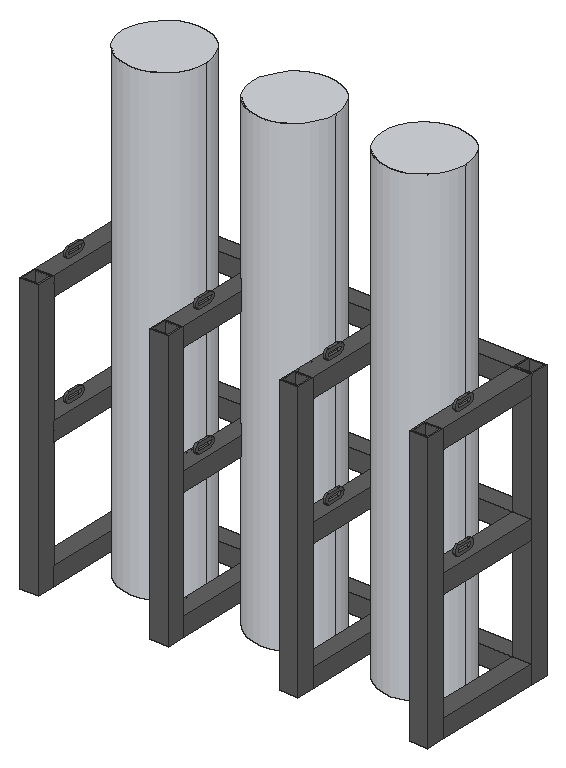
Revit family "3x1-cylinder-rack-BR3X1FS-USAsafety", category Generic Models, Revit 2014
Parameters
  Supplier = "USA Safety Solutions, Inc (www.usasafety.com)"
  Order or Request Quote = "http://www.usasafety.com/contacts"
  URL = "http://www.usasafety.com/3x1-gas-cylinder-rack-barricade-3-cylinders-p-60.html"
  Supplier Email = "sales@usasafety.com"
  Supplier Phone = "1-877-805-8650"
  Capacity = "1-3 cylinder (up to 12\" diameter)"
  Compliance = "NFPA, CGA, OSHA compliant (when used in accordance with guidelines)"
  Model = "#BR3X1FS"
  Manufacturer = ""
  Description = "Gas cylinder storage rack"
  Mounting = "Pre-drilled .531 inch diameter floor mounting holes"
  Accessories = "Two levels of welded steel chains, snaps for each cylinder"
  Weight = "124 lbs"
Reference planes (in)
  plane 1 "Center (Front/Back)": y = 0
  plane 2: z = 0
  plane 3 "Center (Left/Right)": x = 0
  plane 4: through (0.875, -174.20739, -13.21924) normal (0, -0.2588, 0.9659)
  plane 5: through (0.875, -174.20739, -27.21924) normal (0, -0.2588, 0.9659)
Forms (in)
  Extrusion 1, solid, material "USA Safety Steel, Paint Finish, Black, Glossy"
    sketch origin (0, 0, 0) x (1, 0, 0) y (0, 1, 0)
      loop
        line (0, 0) -> (0, -2) -> (2, -2) -> (2, 0) -> (0, 0)
      loop
        line (1.875, -0.125) -> (0.125, -0.125) -> (0.125, -1.875) -> (1.875, -1.875) -> (1.875, -0.125)
    from 0 to 30
  Extrusion 2, solid, material "USA Safety Steel, Paint Finish, Black, Glossy"
    sketch origin (14, 0, 0) x (1, 0, 0) y (0, 1, 0)
      loop
        line (0, 0) -> (0, -2) -> (2, -2) -> (2, 0) -> (0, 0)
      loop
        line (1.875, -0.125) -> (0.125, -0.125) -> (0.125, -1.875) -> (1.875, -1.875) -> (1.875, -0.125)
    from 0 to 30
  Extrusion 3, solid, material "USA Safety Steel, Paint Finish, Black, Glossy"
    sketch origin (0, -14, 0) x (1, 0, 0) y (0, 1, 0)
      loop
        line (0, 0) -> (0, -2) -> (2, -2) -> (2, 0) -> (0, 0)
      loop
        line (1.875, -0.125) -> (0.125, -0.125) -> (0.125, -1.875) -> (1.875, -1.875) -> (1.875, -0.125)
    from 0 to 30
  Extrusion 4, solid, material "USA Safety Steel, Paint Finish, Black, Glossy"
    sketch origin (14, -14, 0) x (1, 0, 0) y (0, 1, 0)
      loop
        line (0, 0) -> (0, -2) -> (2, -2) -> (2, 0) -> (0, 0)
      loop
        line (1.875, -0.125) -> (0.125, -0.125) -> (0.125, -1.875) -> (1.875, -1.875) -> (1.875, -0.125)
    from 0 to 30
  Extrusion 5, solid, material "USA Safety Steel, Paint Finish, Black, Glossy"
    sketch origin (2, 0, 2) x (0, 0, -1) y (0, 1, 0)
      loop
        line (0, 0) -> (0, -2) -> (2, -2) -> (2, 0) -> (0, 0)
      loop
        line (1.875, -0.125) -> (0.125, -0.125) -> (0.125, -1.875) -> (1.875, -1.875) -> (1.875, -0.125)
    from 0 to 12
  Extrusion 6, solid, material "USA Safety Steel, Paint Finish, Black, Glossy"
    sketch origin (2, 0, 30) x (0, 0, -1) y (0, 1, 0)
      loop
        line (0, 0) -> (0, -2) -> (2, -2) -> (2, 0) -> (0, 0)
      loop
        line (1.875, -0.125) -> (0.125, -0.125) -> (0.125, -1.875) -> (1.875, -1.875) -> (1.875, -0.125)
    from 0 to 12
  Extrusion 7, solid, material "USA Safety Steel, Paint Finish, Black, Glossy"
    sketch origin (2, 0, 16) x (0, 0, -1) y (0, 1, 0)
      loop
        line (0, 0) -> (0, -2) -> (2, -2) -> (2, 0) -> (0, 0)
      loop
        line (1.875, -0.125) -> (0.125, -0.125) -> (0.125, -1.875) -> (1.875, -1.875) -> (1.875, -0.125)
    from 0 to 12
  Extrusion 8, solid, material "USA Safety Steel, Paint Finish, Black, Glossy"
    sketch origin (0, -14, 2) x (0, 0, -1) y (-1, 0, 0)
      loop
        line (0, 0) -> (0, -2) -> (2, -2) -> (2, 0) -> (0, 0)
      loop
        line (1.875, -0.125) -> (0.125, -0.125) -> (0.125, -1.875) -> (1.875, -1.875) -> (1.875, -0.125)
    from 0 to 12
  Extrusion 9, solid, material "USA Safety Steel, Paint Finish, Black, Glossy"
    sketch origin (0, -14, 30) x (0, 0, -1) y (-1, 0, 0)
      loop
        line (0, 0) -> (0, -2) -> (2, -2) -> (2, 0) -> (0, 0)
      loop
        line (1.875, -0.125) -> (0.125, -0.125) -> (0.125, -1.875) -> (1.875, -1.875) -> (1.875, -0.125)
    from 0 to 12
  Extrusion 10, solid, material "USA Safety Steel, Paint Finish, Black, Glossy"
    sketch origin (0, -14, 16) x (0, 0, -1) y (-1, 0, 0)
      loop
        line (0, 0) -> (0, -2) -> (2, -2) -> (2, 0) -> (0, 0)
      loop
        line (1.875, -0.125) -> (0.125, -0.125) -> (0.125, -1.875) -> (1.875, -1.875) -> (1.875, -0.125)
    from 0 to 12
  Extrusion 11, solid, material "USA Safety Steel, Paint Finish, Black, Glossy"
    sketch origin (14, -14, 2) x (0, 0, -1) y (-1, 0, 0)
      loop
        line (0, 0) -> (0, -2) -> (2, -2) -> (2, 0) -> (0, 0)
      loop
        line (1.875, -0.125) -> (0.125, -0.125) -> (0.125, -1.875) -> (1.875, -1.875) -> (1.875, -0.125)
    from 0 to 12
  Extrusion 12, solid, material "USA Safety Steel, Paint Finish, Black, Glossy"
    sketch origin (14, -14, 30) x (0, 0, -1) y (-1, 0, 0)
      loop
        line (0, 0) -> (0, -2) -> (2, -2) -> (2, 0) -> (0, 0)
      loop
        line (1.875, -0.125) -> (0.125, -0.125) -> (0.125, -1.875) -> (1.875, -1.875) -> (1.875, -0.125)
    from 0 to 12
  Extrusion 13, solid, material "USA Safety Steel, Paint Finish, Black, Glossy"
    sketch origin (14, -14, 16) x (0, 0, -1) y (-1, 0, 0)
      loop
        line (0, 0) -> (0, -2) -> (2, -2) -> (2, 0) -> (0, 0)
      loop
        line (1.875, -0.125) -> (0.125, -0.125) -> (0.125, -1.875) -> (1.875, -1.875) -> (1.875, -0.125)
    from 0 to 12
  Extrusion 14, solid, material "USA Safety Steel, Paint Finish, Black, Glossy"
    sketch origin (15.125, 10.21296, 39.90169) x (0, -1, 0) y (0, 0, 1)
      loop
        line (19.54046, -9.90169) -> (20.88546, -9.90169)
        arc (20.88546, -9.90169) -> (21.40046, -9.38669) -> (20.88546, -8.87169) r 0.515
        line (20.88546, -8.87169) -> (19.54046, -8.87169)
        arc (19.54046, -8.87169) -> (19.02546, -9.38669) -> (19.54046, -9.90169) r 0.515
      loop
        line (19.54046, -9.65169) -> (20.88546, -9.65169)
        arc (20.88546, -9.65169) -> (21.15046, -9.38669) -> (20.88546, -9.12169) r 0.265
        line (20.88546, -9.12169) -> (19.54046, -9.12169)
        arc (19.54046, -9.12169) -> (19.27546, -9.38669) -> (19.54046, -9.65169) r 0.265
    from 0 to 0.25
  Extrusion 15, solid, material "USA Safety Steel, Paint Finish, Black, Glossy"
    sketch origin (1.125, 10.21296, 39.90169) x (0, -1, 0) y (0, 0, 1)
      loop
        line (19.54046, -9.90169) -> (20.88546, -9.90169)
        arc (20.88546, -9.90169) -> (21.40046, -9.38669) -> (20.88546, -8.87169) r 0.515
        line (20.88546, -8.87169) -> (19.54046, -8.87169)
        arc (19.54046, -8.87169) -> (19.02546, -9.38669) -> (19.54046, -9.90169) r 0.515
      loop
        line (19.54046, -9.65169) -> (20.88546, -9.65169)
        arc (20.88546, -9.65169) -> (21.15046, -9.38669) -> (20.88546, -9.12169) r 0.265
        line (20.88546, -9.12169) -> (19.54046, -9.12169)
        arc (19.54046, -9.12169) -> (19.27546, -9.38669) -> (19.54046, -9.65169) r 0.265
    from 0 to 0.25
  Extrusion 16, solid, material "USA Safety Steel, Paint Finish, Black, Glossy"
    sketch origin (15.125, 10.21296, 25.90169) x (0, -1, 0) y (0, 0, 1)
      loop
        line (19.54046, -9.90169) -> (20.88546, -9.90169)
        arc (20.88546, -9.90169) -> (21.40046, -9.38669) -> (20.88546, -8.87169) r 0.515
        line (20.88546, -8.87169) -> (19.54046, -8.87169)
        arc (19.54046, -8.87169) -> (19.02546, -9.38669) -> (19.54046, -9.90169) r 0.515
      loop
        line (19.54046, -9.65169) -> (20.88546, -9.65169)
        arc (20.88546, -9.65169) -> (21.15046, -9.38669) -> (20.88546, -9.12169) r 0.265
        line (20.88546, -9.12169) -> (19.54046, -9.12169)
        arc (19.54046, -9.12169) -> (19.27546, -9.38669) -> (19.54046, -9.65169) r 0.265
    from 0 to 0.25
  Extrusion 17, solid, material "USA Safety Steel, Paint Finish, Black, Glossy"
    sketch origin (1.125, 10.21296, 25.90169) x (0, -1, 0) y (0, 0, 1)
      loop
        line (19.54046, -9.90169) -> (20.88546, -9.90169)
        arc (20.88546, -9.90169) -> (21.40046, -9.38669) -> (20.88546, -8.87169) r 0.515
        line (20.88546, -8.87169) -> (19.54046, -8.87169)
        arc (19.54046, -8.87169) -> (19.02546, -9.38669) -> (19.54046, -9.90169) r 0.515
      loop
        line (19.54046, -9.65169) -> (20.88546, -9.65169)
        arc (20.88546, -9.65169) -> (21.15046, -9.38669) -> (20.88546, -9.12169) r 0.265
        line (20.88546, -9.12169) -> (19.54046, -9.12169)
        arc (19.54046, -9.12169) -> (19.27546, -9.38669) -> (19.54046, -9.65169) r 0.265
    from 0 to 0.25
  Extrusion 18, solid
    sketch origin (2.01399, 1.77537, 0) x (1, 0, 0) y (0, 1, 0)
      loop
        circle (5.98601, -8.27537) r 4.5
    from 0 to 51
  Extrusion 19, solid, material "USA Safety Steel, Paint Finish, Black, Glossy"
    sketch origin (28, 0, 0) x (1, 0, 0) y (0, 1, 0)
      loop
        line (0, 0) -> (0, -2) -> (2, -2) -> (2, 0) -> (0, 0)
      loop
        line (1.875, -0.125) -> (0.125, -0.125) -> (0.125, -1.875) -> (1.875, -1.875) -> (1.875, -0.125)
    from 0 to 30
  Extrusion 20, solid, material "USA Safety Steel, Paint Finish, Black, Glossy"
    sketch origin (28, -14, 0) x (1, 0, 0) y (0, 1, 0)
      loop
        line (0, 0) -> (0, -2) -> (2, -2) -> (2, 0) -> (0, 0)
      loop
        line (1.875, -0.125) -> (0.125, -0.125) -> (0.125, -1.875) -> (1.875, -1.875) -> (1.875, -0.125)
    from 0 to 30
  Extrusion 21, solid, material "USA Safety Steel, Paint Finish, Black, Glossy"
    sketch origin (16, 0, 2) x (0, 0, -1) y (0, 1, 0)
      loop
        line (0, 0) -> (0, -2) -> (2, -2) -> (2, 0) -> (0, 0)
      loop
        line (1.875, -0.125) -> (0.125, -0.125) -> (0.125, -1.875) -> (1.875, -1.875) -> (1.875, -0.125)
    from 0 to 12
  Extrusion 22, solid, material "USA Safety Steel, Paint Finish, Black, Glossy"
    sketch origin (16, 0, 30) x (0, 0, -1) y (0, 1, 0)
      loop
        line (0, 0) -> (0, -2) -> (2, -2) -> (2, 0) -> (0, 0)
      loop
        line (1.875, -0.125) -> (0.125, -0.125) -> (0.125, -1.875) -> (1.875, -1.875) -> (1.875, -0.125)
    from 0 to 12
  Extrusion 23, solid, material "USA Safety Steel, Paint Finish, Black, Glossy"
    sketch origin (16, 0, 16) x (0, 0, -1) y (0, 1, 0)
      loop
        line (0, 0) -> (0, -2) -> (2, -2) -> (2, 0) -> (0, 0)
      loop
        line (1.875, -0.125) -> (0.125, -0.125) -> (0.125, -1.875) -> (1.875, -1.875) -> (1.875, -0.125)
    from 0 to 12
  Extrusion 24, solid, material "USA Safety Steel, Paint Finish, Black, Glossy"
    sketch origin (28, -14, 2) x (0, 0, -1) y (-1, 0, 0)
      loop
        line (0, 0) -> (0, -2) -> (2, -2) -> (2, 0) -> (0, 0)
      loop
        line (1.875, -0.125) -> (0.125, -0.125) -> (0.125, -1.875) -> (1.875, -1.875) -> (1.875, -0.125)
    from 0 to 12
  Extrusion 25, solid, material "USA Safety Steel, Paint Finish, Black, Glossy"
    sketch origin (28, -14, 30) x (0, 0, -1) y (-1, 0, 0)
      loop
        line (0, 0) -> (0, -2) -> (2, -2) -> (2, 0) -> (0, 0)
      loop
        line (1.875, -0.125) -> (0.125, -0.125) -> (0.125, -1.875) -> (1.875, -1.875) -> (1.875, -0.125)
    from 0 to 12
  Extrusion 26, solid, material "USA Safety Steel, Paint Finish, Black, Glossy"
    sketch origin (28, -14, 16) x (0, 0, -1) y (-1, 0, 0)
      loop
        line (0, 0) -> (0, -2) -> (2, -2) -> (2, 0) -> (0, 0)
      loop
        line (1.875, -0.125) -> (0.125, -0.125) -> (0.125, -1.875) -> (1.875, -1.875) -> (1.875, -0.125)
    from 0 to 12
  Extrusion 27, solid, material "USA Safety Steel, Paint Finish, Black, Glossy"
    sketch origin (29.125, 10.21296, 39.90169) x (0, -1, 0) y (0, 0, 1)
      loop
        line (19.54046, -9.90169) -> (20.88546, -9.90169)
        arc (20.88546, -9.90169) -> (21.40046, -9.38669) -> (20.88546, -8.87169) r 0.515
        line (20.88546, -8.87169) -> (19.54046, -8.87169)
        arc (19.54046, -8.87169) -> (19.02546, -9.38669) -> (19.54046, -9.90169) r 0.515
      loop
        line (19.54046, -9.65169) -> (20.88546, -9.65169)
        arc (20.88546, -9.65169) -> (21.15046, -9.38669) -> (20.88546, -9.12169) r 0.265
        line (20.88546, -9.12169) -> (19.54046, -9.12169)
        arc (19.54046, -9.12169) -> (19.27546, -9.38669) -> (19.54046, -9.65169) r 0.265
    from 0 to 0.25
  Extrusion 28, solid, material "USA Safety Steel, Paint Finish, Black, Glossy"
    sketch origin (29.125, 10.21296, 25.90169) x (0, -1, 0) y (0, 0, 1)
      loop
        line (19.54046, -9.90169) -> (20.88546, -9.90169)
        arc (20.88546, -9.90169) -> (21.40046, -9.38669) -> (20.88546, -8.87169) r 0.515
        line (20.88546, -8.87169) -> (19.54046, -8.87169)
        arc (19.54046, -8.87169) -> (19.02546, -9.38669) -> (19.54046, -9.90169) r 0.515
      loop
        line (19.54046, -9.65169) -> (20.88546, -9.65169)
        arc (20.88546, -9.65169) -> (21.15046, -9.38669) -> (20.88546, -9.12169) r 0.265
        line (20.88546, -9.12169) -> (19.54046, -9.12169)
        arc (19.54046, -9.12169) -> (19.27546, -9.38669) -> (19.54046, -9.65169) r 0.265
    from 0 to 0.25
  Extrusion 29, solid
    sketch origin (16.01399, 1.77537, 0) x (1, 0, 0) y (0, 1, 0)
      loop
        circle (5.98601, -8.27537) r 4.5
    from 0 to 51
  Extrusion 30, solid, material "USA Safety Steel, Paint Finish, Black, Glossy"
    sketch origin (42, 0, 0) x (1, 0, 0) y (0, 1, 0)
      loop
        line (0, 0) -> (0, -2) -> (2, -2) -> (2, 0) -> (0, 0)
      loop
        line (1.875, -0.125) -> (0.125, -0.125) -> (0.125, -1.875) -> (1.875, -1.875) -> (1.875, -0.125)
    from 0 to 30
  Extrusion 31, solid, material "USA Safety Steel, Paint Finish, Black, Glossy"
    sketch origin (42, -14, 0) x (1, 0, 0) y (0, 1, 0)
      loop
        line (0, 0) -> (0, -2) -> (2, -2) -> (2, 0) -> (0, 0)
      loop
        line (1.875, -0.125) -> (0.125, -0.125) -> (0.125, -1.875) -> (1.875, -1.875) -> (1.875, -0.125)
    from 0 to 30
  Extrusion 32, solid, material "USA Safety Steel, Paint Finish, Black, Glossy"
    sketch origin (30, 0, 2) x (0, 0, -1) y (0, 1, 0)
      loop
        line (0, 0) -> (0, -2) -> (2, -2) -> (2, 0) -> (0, 0)
      loop
        line (1.875, -0.125) -> (0.125, -0.125) -> (0.125, -1.875) -> (1.875, -1.875) -> (1.875, -0.125)
    from 0 to 12
  Extrusion 33, solid, material "USA Safety Steel, Paint Finish, Black, Glossy"
    sketch origin (30, 0, 30) x (0, 0, -1) y (0, 1, 0)
      loop
        line (0, 0) -> (0, -2) -> (2, -2) -> (2, 0) -> (0, 0)
      loop
        line (1.875, -0.125) -> (0.125, -0.125) -> (0.125, -1.875) -> (1.875, -1.875) -> (1.875, -0.125)
    from 0 to 12
  Extrusion 34, solid, material "USA Safety Steel, Paint Finish, Black, Glossy"
    sketch origin (30, 0, 16) x (0, 0, -1) y (0, 1, 0)
      loop
        line (0, 0) -> (0, -2) -> (2, -2) -> (2, 0) -> (0, 0)
      loop
        line (1.875, -0.125) -> (0.125, -0.125) -> (0.125, -1.875) -> (1.875, -1.875) -> (1.875, -0.125)
    from 0 to 12
  Extrusion 35, solid, material "USA Safety Steel, Paint Finish, Black, Glossy"
    sketch origin (42, -14, 2) x (0, 0, -1) y (-1, 0, 0)
      loop
        line (0, 0) -> (0, -2) -> (2, -2) -> (2, 0) -> (0, 0)
      loop
        line (1.875, -0.125) -> (0.125, -0.125) -> (0.125, -1.875) -> (1.875, -1.875) -> (1.875, -0.125)
    from 0 to 12
  Extrusion 36, solid, material "USA Safety Steel, Paint Finish, Black, Glossy"
    sketch origin (42, -14, 30) x (0, 0, -1) y (-1, 0, 0)
      loop
        line (0, 0) -> (0, -2) -> (2, -2) -> (2, 0) -> (0, 0)
      loop
        line (1.875, -0.125) -> (0.125, -0.125) -> (0.125, -1.875) -> (1.875, -1.875) -> (1.875, -0.125)
    from 0 to 12
  Extrusion 37, solid, material "USA Safety Steel, Paint Finish, Black, Glossy"
    sketch origin (42, -14, 16) x (0, 0, -1) y (-1, 0, 0)
      loop
        line (0, 0) -> (0, -2) -> (2, -2) -> (2, 0) -> (0, 0)
      loop
        line (1.875, -0.125) -> (0.125, -0.125) -> (0.125, -1.875) -> (1.875, -1.875) -> (1.875, -0.125)
    from 0 to 12
  Extrusion 38, solid, material "USA Safety Steel, Paint Finish, Black, Glossy"
    sketch origin (43.125, 10.21296, 39.90169) x (0, -1, 0) y (0, 0, 1)
      loop
        line (19.54046, -9.90169) -> (20.88546, -9.90169)
        arc (20.88546, -9.90169) -> (21.40046, -9.38669) -> (20.88546, -8.87169) r 0.515
        line (20.88546, -8.87169) -> (19.54046, -8.87169)
        arc (19.54046, -8.87169) -> (19.02546, -9.38669) -> (19.54046, -9.90169) r 0.515
      loop
        line (19.54046, -9.65169) -> (20.88546, -9.65169)
        arc (20.88546, -9.65169) -> (21.15046, -9.38669) -> (20.88546, -9.12169) r 0.265
        line (20.88546, -9.12169) -> (19.54046, -9.12169)
        arc (19.54046, -9.12169) -> (19.27546, -9.38669) -> (19.54046, -9.65169) r 0.265
    from 0 to 0.25
  Extrusion 39, solid, material "USA Safety Steel, Paint Finish, Black, Glossy"
    sketch origin (43.125, 10.21296, 25.90169) x (0, -1, 0) y (0, 0, 1)
      loop
        line (19.54046, -9.90169) -> (20.88546, -9.90169)
        arc (20.88546, -9.90169) -> (21.40046, -9.38669) -> (20.88546, -8.87169) r 0.515
        line (20.88546, -8.87169) -> (19.54046, -8.87169)
        arc (19.54046, -8.87169) -> (19.02546, -9.38669) -> (19.54046, -9.90169) r 0.515
      loop
        line (19.54046, -9.65169) -> (20.88546, -9.65169)
        arc (20.88546, -9.65169) -> (21.15046, -9.38669) -> (20.88546, -9.12169) r 0.265
        line (20.88546, -9.12169) -> (19.54046, -9.12169)
        arc (19.54046, -9.12169) -> (19.27546, -9.38669) -> (19.54046, -9.65169) r 0.265
    from 0 to 0.25
  Extrusion 40, solid
    sketch origin (30.01399, 1.77537, 0) x (1, 0, 0) y (0, 1, 0)
      loop
        circle (5.98601, -8.27537) r 4.5
    from 0 to 51
Lines and regions (in)
  model lines
    curve 1: spline (1.125, -10, 30.78) -> (1.35926, -11, 30.51205) -> (2.04608, -11.93185, 30.26236) -> (3.13864, -12.73205, 30.04795) -> (4.5625, -13.34607, 29.88342) -> (6.22062, -13.73205, 29.78) -> (8, -13.8637, 29.74472) -> (9.77938, -13.73205, 29.78) -> (11.4375, -13.34607, 29.88342) -> (12.86136, -12.73205, 30.04795) -> (13.95392, -11.93185, 30.26236) -> (14.64074, -11, 30.51205) -> (14.875, -10, 30.78)
    curve 2: spline (1.125, -10, 16.78) -> (1.35926, -11, 16.51205) -> (2.04608, -11.93185, 16.26236) -> (3.13864, -12.73205, 16.04795) -> (4.5625, -13.34607, 15.88342) -> (6.22062, -13.73205, 15.78) -> (8, -13.8637, 15.74472) -> (9.77938, -13.73205, 15.78) -> (11.4375, -13.34607, 15.88342) -> (12.86136, -12.73205, 16.04795) -> (13.95392, -11.93185, 16.26236) -> (14.64074, -11, 16.51205) -> (14.875, -10, 16.78)
    curve 3: spline (15.125, -10, 30.78) -> (15.35926, -11, 30.51205) -> (16.04608, -11.93185, 30.26236) -> (17.13864, -12.73205, 30.04795) -> (18.5625, -13.34607, 29.88342) -> (20.22062, -13.73205, 29.78) -> (22, -13.8637, 29.74472) -> (23.77938, -13.73205, 29.78) -> (25.4375, -13.34607, 29.88342) -> (26.86136, -12.73205, 30.04795) -> (27.95392, -11.93185, 30.26236) -> (28.64074, -11, 30.51205) -> (28.875, -10, 30.78)
    curve 4: spline (15.125, -10, 16.78) -> (15.35926, -11, 16.51205) -> (16.04608, -11.93185, 16.26236) -> (17.13864, -12.73205, 16.04795) -> (18.5625, -13.34607, 15.88342) -> (20.22062, -13.73205, 15.78) -> (22, -13.8637, 15.74472) -> (23.77938, -13.73205, 15.78) -> (25.4375, -13.34607, 15.88342) -> (26.86136, -12.73205, 16.04795) -> (27.95392, -11.93185, 16.26236) -> (28.64074, -11, 16.51205) -> (28.875, -10, 16.78)
    curve 5: spline (29.125, -10, 30.78) -> (29.35926, -11, 30.51205) -> (30.04608, -11.93185, 30.26236) -> (31.13864, -12.73205, 30.04795) -> (32.5625, -13.34607, 29.88342) -> (34.22062, -13.73205, 29.78) -> (36, -13.8637, 29.74472) -> (37.77938, -13.73205, 29.78) -> (39.4375, -13.34607, 29.88342) -> (40.86136, -12.73205, 30.04795) -> (41.95392, -11.93185, 30.26236) -> (42.64074, -11, 30.51205) -> (42.875, -10, 30.78)
    curve 6: spline (29.125, -10, 16.78) -> (29.35926, -11, 16.51205) -> (30.04608, -11.93185, 16.26236) -> (31.13864, -12.73205, 16.04795) -> (32.5625, -13.34607, 15.88342) -> (34.22062, -13.73205, 15.78) -> (36, -13.8637, 15.74472) -> (37.77938, -13.73205, 15.78) -> (39.4375, -13.34607, 15.88342) -> (40.86136, -12.73205, 16.04795) -> (41.95392, -11.93185, 16.26236) -> (42.64074, -11, 16.51205) -> (42.875, -10, 16.78)
Dimensions and locks (in)
  aligned and locked: plane 2 to level
